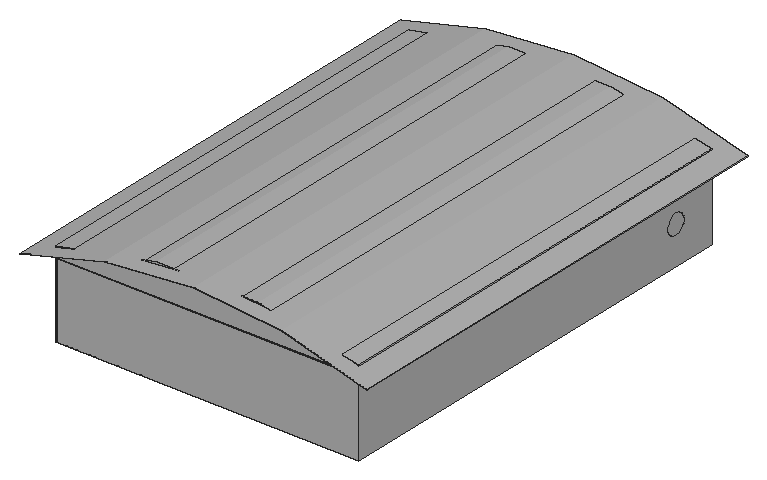
Revit family "GRAS_HW-19N-KP-20-30 Mirror", category Osprzęt hydrauliczny, Revit 2018
Family settings
  Obiekt nadrzędny = Powierzchnia
  Wymiar okrągłego złącza = Użyj średnicy
  Typ części = Normalny
  Tnij formami wycięć po wczytaniu = Nie
  Współdzielony = Nie
  Punkt obliczania pomieszczeń = Nie
Parameters (values of type "HW-19N-KP-20/30 Mirror")
  W2 = 100 mm
  W1 = 100 mm
  URL = "http://www.gras.pl/"
  Top Right Supply Connection = ""
  Top Left Supply Connection = ""
  Side Right Supply Connection = ""
  Side Left Supply Connection = ""
  Producent = "GRAS PPPH"
  Opis = "https://gras.pl/en/hw-19-n-kp-20-30-mirror/"
  Model = "HW-19N-KP-20/30 Mirror"
  K Factor = 42
  H1 = 100 mm
  Flow = 35.0 L/s
  Door_Right - Door_Left [instance] = no
  Default Elevation = 0 mm
  DN = 19 mm
  D2 = 85 mm
  D1 = 85 mm
  Cabinet width = 680 mm
  Cabinet material = AISI304 - Mirror
  Cabinet height = 990 mm
  Cabinet depth = 170 mm
  Back Right Supply Connection = ""
  Back Left Supply Connection = ""
Reference planes
  plane 1 "Środek (Przód/Tył)": y = 0
  plane 2: z = 0
  plane 3 "Środek (Lewa/Prawa)": x = 0
  plane 4: y = 495
  plane 5: y = -495
  plane 6: x = -340
  plane 7: x = 340
  plane 8: z = 170
  plane 9: z = 130
  plane 10: x = 397.5
  plane 11: z = 0
  plane 12: x = -397.5
  plane 13: z = 130
  plane 14: z = 130
Forms (mm)
  Extrusion 1, solid, not visible
    sketch origin (0, 0, 0) x (1, 0, 0) y (0, 1, 0)
      loop
        line (-1219.2, 1219.2) -> (-1219.2, -1219.2) -> (1219.2, -1219.2) -> (1219.2, 1219.2) -> (-1219.2, 1219.2)
    from 0 to -304.8
Dimensions and locks
  equal spacing: plane 4, plane 1 "Środek (Przód/Tył)", plane 5
  "Cabinet height": plane 4 to plane 5
  equal spacing: plane 6, plane 3 "Środek (Lewa/Prawa)", plane 7
  "Cabinet width": plane 6 to plane 7
  "Cabinet depth": plane 8 to Extrusion 1
  aligned and locked: plane 2 to Extrusion 1
  aligned and locked: level to Extrusion 1
  aligned and locked: Extrusion 1 to nested 1
  aligned and locked: nested 1 to plane 5  (x2)
  aligned and locked: plane 4 to nested 1  (x2)
  aligned and locked: plane 1 "Środek (Przód/Tył)" to nested 1
  aligned and locked: nested 1 to plane 6
  aligned and locked: nested 1 to plane 7
  aligned and locked: plane 8 to nested 1
Automatic sketch dimensions
  Extrusion 1 sketch curve to Extrusion 1 sketch curve = 2438.4 mm  (x2)
Nested families
  nested 1: "cabinet" at (0, 495, 0) x (-1, 0, 0) z (0, -1, 0), type "cabinet_on_the_wall"
    with W2 100 mm, W1 100 mm, H1 100 mm, Cabinet_Height 990 mm, Door_Height 1070 mm
Connectors
  piping at (240, 494, 85), diameter 19, driven by "K Factor", driven by "Flow", driven by "DN", driven by "Top Right Supply Connection"
    settings: on nested 1, index 1, connector inside diameter 609.6 mm, connector length 0 mm, flow factor 0, pipe flow 35.0 L/s, pressure drop 0.0 Pa, fitting loss kfactor 42, connector angle 0.00°, fixture units 0, engagement length 0 mm, angle of deflection 0.00°, flow configuration 0, flow direction 1, fitting loss method 2, system type 23, joint type 0, gender type 0, connector reference index -1, connector utility 0, adjustable connector no, is connector primary yes, connector description ""
  piping at (-240, 495, 85), diameter 19, driven by "K Factor", driven by "DN", driven by "Flow", driven by "Top Left Supply Connection"
    settings: on nested 1, index 2, connector inside diameter 609.6 mm, connector length 0 mm, flow factor 0, pipe flow 35.0 L/s, pressure drop 0.0 Pa, fitting loss kfactor 42, connector angle 0.00°, fixture units 0, engagement length 0 mm, angle of deflection 0.00°, flow configuration 0, flow direction 1, fitting loss method 2, system type 23, joint type 0, gender type 0, connector reference index -1, connector utility 0, adjustable connector no, is connector primary no, connector description ""
  piping at (-340, 395, 85), diameter 19, driven by "K Factor", driven by "Flow", driven by "DN", driven by "Side Left Supply Connection"
    settings: on nested 1, index 4, connector inside diameter 609.6 mm, connector length 0 mm, flow factor 0, pipe flow 35.0 L/s, pressure drop 0.0 Pa, fitting loss kfactor 42, connector angle 0.00°, fixture units 0, engagement length 0 mm, angle of deflection 0.00°, flow configuration 0, flow direction 1, fitting loss method 2, system type 23, joint type 0, gender type 0, connector reference index -1, connector utility 0, adjustable connector no, is connector primary no, connector description ""
  piping at (240, 395, 1), diameter 19, driven by "K Factor", driven by "Flow", driven by "DN", driven by "Back Right Supply Connection"
    settings: on nested 1, index 6, connector inside diameter 609.6 mm, connector length 0 mm, flow factor 0, pipe flow 35.0 L/s, pressure drop 0.0 Pa, fitting loss kfactor 42, connector angle 0.00°, fixture units 0, engagement length 0 mm, angle of deflection 0.00°, flow configuration 0, flow direction 1, fitting loss method 2, system type 23, joint type 0, gender type 0, connector reference index -1, connector utility 0, adjustable connector no, is connector primary no, connector description ""
  piping at (-240, 395, 1), diameter 19, driven by "Flow", driven by "DN", driven by "Back Left Supply Connection", driven by "K Factor"
    settings: on nested 1, index 7, connector inside diameter 609.6 mm, connector length 0 mm, flow factor 0, pipe flow 35.0 L/s, pressure drop 0.0 Pa, fitting loss kfactor 42, connector angle 0.00°, fixture units 0, engagement length 0 mm, angle of deflection 0.00°, flow configuration 0, flow direction 1, fitting loss method 2, system type 23, joint type 0, gender type 0, connector reference index -1, connector utility 0, adjustable connector no, is connector primary no, connector description ""
  piping at (340, 395, 85), diameter 19, driven by "Flow", driven by "DN", driven by "Side Right Supply Connection", driven by "K Factor"
    settings: on nested 1, index 8, connector inside diameter 609.6 mm, connector length 0 mm, flow factor 0, pipe flow 35.0 L/s, pressure drop 0.0 Pa, fitting loss kfactor 42, connector angle 0.00°, fixture units 0, engagement length 0 mm, angle of deflection 0.00°, flow configuration 0, flow direction 1, fitting loss method 2, system type 23, joint type 0, gender type 0, connector reference index -1, connector utility 0, adjustable connector no, is connector primary no, connector description ""
Definition of nested family "cabinet"
  Parameters (values of type "cabinet_on_the_wall")
    W2 = 80 mm
    W1 = 80 mm
    H1 = 85 mm
    Frame_Solo = no
    Frame_KP = no
    Door_Right = no
    Door_Left = not(Door_Right)  # yes
    D2 = 85 mm
    D1 = 85 mm
    Cabinet_Width = 680 mm
    Sheet Thickness = 1 mm
    Cabinet_Height = 760 mm
    Frame Width = 18 mm
    Door_Width = Cabinet_Width + 100 mm  # 780 mm
    Door_Height = Cabinet_Height + 80 mm  # 840 mm
    Default Elevation = 0 mm
    Depth = 170 mm
    Cabinet_Color = none
    Base_Frame_Width = 18 mm
    0 = 0 mm
  Reference planes
    plane 1 "Środek (Przód/Tył)": y = 0
    plane 2: z = 0
    plane 3 "Środek (Lewa/Prawa)": x = 0
    plane 4: z = 380
    plane 5: z = 760
    plane 6: x = -340
    plane 7: x = 340
    plane 8: z = 800
    plane 9: z = -40
    plane 10: x = -390
    plane 11: x = 390
    plane 12: y = -170
  Forms (mm)
    Sweep 1, solid, material <- "Cabinet_Color", detail levels medium+fine
      path in 3D
        loop
          line (340, -170, 760) -> (340, -170, 0) -> (-340, -170, 0) -> (-340, -170, 760) -> (340, -170, 760)
      profile "profile_on_the_wall : profile_on_the_wall" origin (0, -170, 760) x (0, 1, 0) y (0, 0, 1)
        loop
          line (0, 0) -> (0, -18) -> (22, -18) -> (22, -31) -> (23, -31) -> (23, -17) -> (1, -17) -> (1, 0) -> (0, 0)
    Extrusion 2, solid, material <- "Cabinet_Color", detail levels coarse
      sketch origin (0, 0, 0) x (1, 0, 0) y (0, 0, 1)
        loop
          line (-340, 0) -> (340, 0) -> (340, 760) -> (-340, 760) -> (-340, 0)
      from 0 to 170
  Lines and regions (mm)
    sketch lines
      curve 1: line (-340, -170, 760) -> (340, -170, 760)
      curve 2: line (340, -170, 760) -> (340, -170, 0)
      curve 3: line (340, -170, 0) -> (-340, -170, 0)
      curve 4: line (-340, -170, 760) -> (-340, -170, 0)
  Dimensions and locks
    equal spacing: plane 5, plane 4, level
    "Cabinet_Height": plane 5 to level
    equal spacing: plane 7, plane 3 "Środek (Lewa/Prawa)", plane 6
    "Cabinet_Width": plane 7 to plane 6
    equal spacing: plane 8, plane 4, plane 9
    "Door_Height": plane 8 to plane 9
    equal spacing: plane 11, plane 3 "Środek (Lewa/Prawa)", plane 10
    "Door_Width": plane 11 to plane 10
    "Depth": plane 12 to plane 1 "Środek (Przód/Tył)"  (x2)
    "0": plane 4 to nested 2
    aligned and locked: level to plane 2
    aligned and locked: nested 1 to plane 1 "Środek (Przód/Tył)"
    aligned and locked: plane 5 to Sweep 1
    aligned and locked: Sweep 1 to level
    aligned and locked: Sweep 1 to plane 6
    aligned and locked: plane 7 to Sweep 1
    aligned and locked: nested 1 to plane 6
    aligned and locked: plane 7 to nested 1
    aligned and locked: nested 1 to level
    aligned and locked: plane 5 to nested 1
    aligned and locked: Extrusion 2 sketch curve to nested 1  (x3)
    aligned and locked: Extrusion 2 to plane 1 "Środek (Przód/Tył)"
    aligned and locked: Extrusion 2 to level  (x2)
    aligned and locked: Extrusion 2 to nested 1
    aligned and locked: plane 5 to Extrusion 2
    aligned and locked: Extrusion 2 to plane 6
    aligned and locked: plane 7 to Extrusion 2
    aligned and locked: Extrusion 2 to plane 12
    aligned and locked: nested 2 to plane 12
    aligned and locked: plane 3 "Środek (Lewa/Prawa)" to nested 2
  Automatic sketch dimensions
    Extrusion 2 sketch curve to level = 0 mm
  Nested families
    nested 1: "box" at (0, -85, 0), type "box", detail levels medium+fine
      with Width 680 mm, W2 80 mm, W1 80 mm, Height 760 mm, H1 85 mm, Depth 170 mm, D2 85 mm, D1 85 mm, Back Width 678 mm, Back Height 758 mm
    nested 2: "door_f" at (0, -170, -40), type "door_f"
  Definition of nested family "box"
    Parameters (values of type "box")
      diameter_outer_connection_cut = 22.5 mm
      diameter_inner_connection_cut = diameter_outer_connection_cut - 0.5 mm  # 22 mm
      Width = 795 mm
      W2 = 40 mm
      W1 = 70 mm
      Sheet Thickness = 1 mm
      Height = 795 mm
      H1 = 70 mm
      Depth = 133 mm
      D2 = 75 mm
      D1 = 65 mm
      Cabinet_Color = none
      Back Width [instance] = 793 mm
      Back Height [instance] = 793 mm
    Reference planes
      plane 1 "Środek (Przód/Tył)": y = 0
      plane 2: z = 0
      plane 3 "Środek (Lewa/Prawa)": x = 0
      plane 4: x = -397.5
      plane 5: x = 397.5
      plane 6: y = 66.5
      plane 7: y = -66.5
      plane 8: z = 795
      plane 9: z = 794
      plane 10: z = 1
      plane 11: x = -396.5
      plane 12: x = 396.5
      plane 13: y = 65.5
    Forms (mm)
      Extrusion 1, solid, material <- "Cabinet_Color"
        sketch origin (0, 0, 0) x (1, 0, 0) y (0, 1, 0)
          loop
            line (-397.5, 66.5) -> (-397.5, -66.5) -> (397.5, -66.5) -> (397.5, 66.5) -> (-397.5, 66.5)
        from 0 to 795
      Extrusion 2, void
        sketch origin (0, 0, 0) x (1, 0, 0) y (0, 0, 1)
          loop
            line (-396.5, 794) -> (-396.5, 1) -> (396.5, 1) -> (396.5, 794) -> (-396.5, 794)
        from -65.5 to 66.5
      Extrusion 3, void
        sketch origin (0, 0, 0) x (1, 0, 0) y (0, 1, 0)
          loop
            circle (-357.5, -8.5) r 22.5
          loop
            circle (-357.5, -8.5) r 22
        from 0 to 1
      Extrusion 4, void
        sketch origin (0, 0, 0) x (-1, 0, 0) y (0, -1, 0)
          loop
            circle (-357.5, 8.5) r 22.5
          loop
            circle (-357.5, 8.5) r 22
        from 0 to 1
      Extrusion 5, void
        sketch origin (0, 0, 0) x (1, 0, 0) y (0, 0, 1)
          loop
            circle (-327.5, 70) r 22.5
          loop
            circle (-327.5, 70) r 22
        from -66.5 to -65.5
      Extrusion 6, void
        sketch origin (0, 0, 0) x (-1, 0, 0) y (0, 0, -1)
          loop
            circle (-327.5, -70) r 22.5
          loop
            circle (-327.5, -70) r 22
        from -65.5 to -66.5
      Extrusion 7, void
        sketch origin (0, 0, 0) x (0, 1, 0) y (0, 0, 1)
          loop
            circle (1.5, 70) r 22.5
          loop
            circle (1.5, 70) r 22
        from 396.5 to 397.5
      Extrusion 8, void
        sketch origin (0, 0, 0) x (0, 1, 0) y (0, 0, -1)
          loop
            circle (1.5, -70) r 22.5
          loop
            circle (1.5, -70) r 22
        from 396.5 to 397.5
    Cuts and joins
      Extrusion 2, Extrusion 3, Extrusion 4, Extrusion 5, Extrusion 6, Extrusion 7, Extrusion 8 cuts Extrusion 1
    Dimensions and locks
      equal spacing: plane 4, plane 3 "Środek (Lewa/Prawa)", plane 5
      equal spacing: plane 6, plane 1 "Środek (Przód/Tył)", plane 7
      "Width": plane 4 to plane 5
      "Depth": plane 6 to plane 7
      "Height": plane 8 to level
      "Sheet Thickness": plane 8 to plane 9
      "Sheet Thickness": plane 10 to level
      "Sheet Thickness": plane 11 to plane 4
      "Sheet Thickness": plane 5 to plane 12
      "Back Width": plane 12 to plane 11
      "Back Height": plane 9 to plane 10
      "Sheet Thickness": plane 6 to plane 13
      "W2": cut or joined group 1 (Extrusion 1, Extrusion 2, Extrusion 3, Extrusion 4, Extrusion 5, Extrusion 6, Extrusion 7, Extrusion 8) to Extrusion 3 sketch curve
      "D2": cut or joined group 1 to Extrusion 3 sketch curve
      "W2": Extrusion 4 sketch curve to cut or joined group 1
      "D2": cut or joined group 1 to Extrusion 4 sketch curve
      "W1": cut or joined group 1 to Extrusion 5 sketch curve
      "H1": Extrusion 5 sketch curve to cut or joined group 1
      "D1": Extrusion 7 sketch curve to cut or joined group 1
      "H1": cut or joined group 1 to Extrusion 7 sketch curve
      "D1": cut or joined group 1 to Extrusion 8 sketch curve
      "H1": cut or joined group 1 to Extrusion 8 sketch curve
      "W1": cut or joined group 1 to Extrusion 6 sketch curve
      "H1": Extrusion 6 sketch curve to cut or joined group 1
      "diameter_outer_connection_cut": radius of Extrusion 3 sketch curve
      "diameter_inner_connection_cut": radius of Extrusion 3 sketch curve
      "diameter_outer_connection_cut": radius of Extrusion 4 sketch curve
      "diameter_inner_connection_cut": radius of Extrusion 4 sketch curve
      "diameter_outer_connection_cut": radius of Extrusion 5 sketch curve
      "diameter_inner_connection_cut": radius of Extrusion 5 sketch curve
      "diameter_outer_connection_cut": radius of Extrusion 6 sketch curve
      "diameter_inner_connection_cut": radius of Extrusion 6 sketch curve
      "diameter_outer_connection_cut": radius of Extrusion 7 sketch curve
      "diameter_inner_connection_cut": radius of Extrusion 7 sketch curve
      "diameter_outer_connection_cut": radius of Extrusion 8 sketch curve
      "diameter_inner_connection_cut": radius of Extrusion 8 sketch curve
      aligned and locked: level to plane 2
      aligned and locked: Extrusion 1 sketch curve to plane 6
      aligned and locked: plane 4 to Extrusion 1 sketch curve
      aligned and locked: plane 7 to Extrusion 1 sketch curve
      aligned and locked: Extrusion 1 sketch curve to plane 5
      aligned and locked: plane 8 to Extrusion 1
      aligned and locked: Extrusion 1 to level
      aligned and locked: Extrusion 1 to plane 7
      aligned and locked: Extrusion 2 sketch curve to plane 9
      aligned and locked: plane 11 to Extrusion 2 sketch curve
      aligned and locked: plane 10 to Extrusion 2 sketch curve
      aligned and locked: Extrusion 2 sketch curve to plane 12
      aligned and locked: plane 13 to Extrusion 2
      aligned and locked: Extrusion 2 to plane 7
      aligned and locked: Extrusion 3 to level
      aligned and locked: plane 10 to Extrusion 3
      aligned and locked: plane 6 to Extrusion 5
      aligned and locked: Extrusion 5 to plane 13
      aligned and locked: plane 5 to Extrusion 7
      aligned and locked: Extrusion 7 to plane 12
      aligned and locked: Extrusion 5 to Extrusion 2
      aligned and locked: Extrusion 6 to plane 13
      aligned and locked: plane 6 to Extrusion 6
      aligned and locked: plane 11 to Extrusion 8
      aligned and locked: Extrusion 8 to plane 4
      aligned and locked: Extrusion 1 to Extrusion 7
      aligned and locked: Extrusion 7 to Extrusion 2
    Automatic sketch dimensions
      Extrusion 3 sketch curve to Extrusion 3 sketch curve = 0 mm  (x2)
      Extrusion 4 sketch curve to Extrusion 4 sketch curve = 0 mm  (x2)
      Extrusion 5 sketch curve to Extrusion 5 sketch curve = 0 mm  (x2)
      Extrusion 6 sketch curve to Extrusion 6 sketch curve = 0 mm  (x2)
      Extrusion 7 sketch curve to Extrusion 7 sketch curve = 0 mm  (x2)
      Extrusion 8 sketch curve to Extrusion 8 sketch curve = 0 mm  (x2)
  Definition of nested family "door_f"
    Parameters (values of type "door_f")
      width = 680 mm
      thickness = 1 mm
      door_zero = door_r - door_depth  # 1075.003 mm
      door_width = 780 mm
      door_r_out = door_r + thickness  # 1151.003 mm
      door_r = 1150.003 mm
      door_height = 840 mm
      door_depth = 75 mm
      height = 760 mm
      Material = none
    Reference planes
      plane 1 "Środek (Przód/Tył)": y = 0
      plane 2: z = 0
      plane 3 "Środek (Lewa/Prawa)": x = 0
      plane 4: x = -390
      plane 5: x = 390
      plane 6: y = 1075.003
      plane 7: y = -75
      plane 8: z = 840
      plane 9: z = 420
      plane 10: x = -340
      plane 11: x = 340
      plane 12: z = 800
      plane 13: z = 40
    Forms (mm)
      Extrusion 1, solid, material <- "Material"
        sketch origin (0, 0, 0) x (1, 0, 0) y (0, 1, 0)
          loop
            line (-389.986, -6.855) -> (-389.986, -7.918)
            arc (-389.986, -7.918) -> (0.006, -76.001) -> (389.997, -7.917) r 1151.003
            line (389.997, -7.917) -> (389.997, -6.846)
            arc (389.997, -6.846) -> (0.006, -74.997) -> (-389.986, -6.855) r 1150.003
        from 0 to 840
      Extrusion 2, solid, material <- "Material"
        sketch origin (0, 0, 0) x (1, 0, 0) y (0, 1, 0)
          loop
            arc (-340, -23.59) -> (0, -75) -> (340, -23.59) r 1150.003
            line (340, -23.59) -> (340, 0) -> (-340, 0) -> (-340, -23.59)
        from 40 to 800
    Dimensions and locks
      equal spacing: plane 4, plane 3 "Środek (Lewa/Prawa)", plane 5
      "door_width": plane 4 to plane 5
      "door_depth": plane 1 "Środek (Przód/Tył)" to plane 7
      "door_zero": plane 6 to plane 1 "Środek (Przód/Tył)"
      "door_height": plane 8 to level
      equal spacing: plane 8, plane 9, level
      equal spacing: plane 10, plane 3 "Środek (Lewa/Prawa)", plane 11
      "width": plane 10 to plane 11
      equal spacing: plane 12, plane 9, plane 13
      "height": plane 12 to plane 13
      "door_r": radius of Extrusion 1 sketch curve
      "door_r_out": radius of Extrusion 1 sketch curve
      "door_r": radius of Extrusion 2 sketch curve
      aligned and locked: level to plane 2
      aligned and locked: plane 8 to Extrusion 1
      aligned and locked: Extrusion 1 to level
      aligned and locked: plane 1 "Środek (Przód/Tył)" to Extrusion 2 sketch curve
      aligned and locked: Extrusion 2 sketch curve to plane 11
      aligned and locked: plane 12 to Extrusion 2
      aligned and locked: Extrusion 2 to plane 13
    Automatic sketch dimensions
      plane 4 to Extrusion 1 sketch curve = 0.014 mm
      plane 6 to Extrusion 1 sketch curve = 0.003 mm
      Extrusion 1 sketch curve to plane 3 "Środek (Lewa/Prawa)" = 0.008 mm
      Extrusion 1 sketch curve to plane 6 = 0.001 mm
      plane 3 "Środek (Lewa/Prawa)" to Extrusion 1 sketch curve = 0.004 mm
      Extrusion 1 sketch curve to plane 5 = 0.003 mm
      Extrusion 2 sketch curve to plane 10 = 0 mm
      Extrusion 2 sketch curve to plane 3 "Środek (Lewa/Prawa)" = 0 mm
      Extrusion 2 sketch curve to plane 6 = 0 mm
